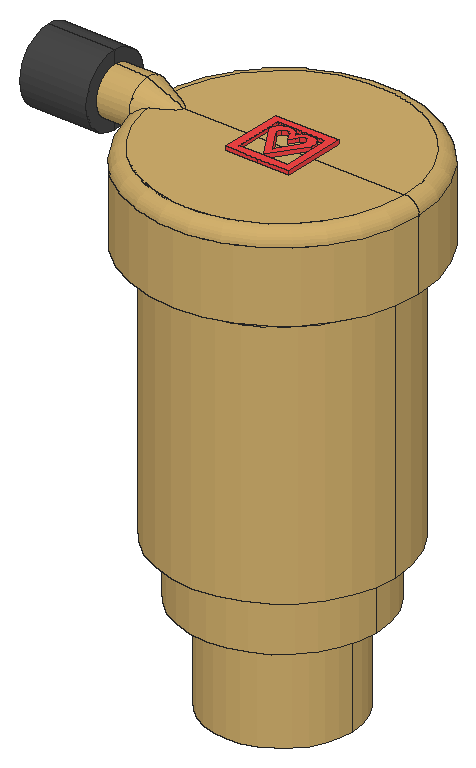
Revit family "Be- u. Entlüfter 2630 03", category Rohrzubehör, Revit 2020
Family settings
  Bemaßung runder Anschluss = Durchmesser verwenden
  Teiletyp = Normal
  OmniClass-Nummer = 23.65.55.14
  OmniClass-Titel = Valves for Liquid Services
  Arbeitsebenenbasiert = Nein
  Immer vertikal = Ja
  Beim Laden mit Abzugskörper schneiden = Nein
  Gemeinsam genutzt = Nein
Parameters
  Vorgabe-Ansicht = 0.000 mm
  URL = "www.herz-armaturen.at"
  Schwimmer = "Polypropylen"  # constant formula
  SCRNSEQ = "AWI;AWI_TYP=\"1013\";1"
  SCRNCODE = "05;14;01"  # constant formula
  S04 = 11.000 mm  # constant formula
  S03 = 24.500 mm  # constant formula
  S02 = 12.500 mm  # constant formula
  S01 = 59.000 mm  # constant formula
  R01 = 2.000 mm  # constant formula
  Nennweite AG [instance] = 20.000 mm  # constant formula
  Min.Betriebstemperatur = 0 °C  # constant formula
  Medium = "Heizungswasser nach ÖNORM H5195 oder VDI- Richtlinie 2035. Die Verwendung von Ethylen- oder Propyleneglykol in einem Mischungsverhältnis von 25 - 50% ist zulässig. EPDM-Dichtungen können durch Mineralöle und Schmiermittel beeinflusst werden, was zum Versagen der EPDM-Dichtungen führen kann. Bitte beachten Sie die Dokumentation des Herstellers, wenn Ethylenglykol-Produkte für den Frost- und Korrosionsschutz verwendet werden."
  Max.Strukturdruck = 1200000.0 Pa  # constant formula
  Max.Betriebstemperatur = 110 °C  # constant formula
  Max.Betriebsdruck = 800000.0 Pa  # constant formula
  L04 = L00 - L01  # 24.000 mm
  L03 = 13.500 mm  # constant formula
  L02 = 4.800 mm  # constant formula
  L01 = 9.500 mm  # constant formula
  L00 = 33.500 mm  # constant formula
  Hersteller = "Herz-Armaturen GmbH"  # constant formula
  H08 = 8.000 mm  # constant formula
  H07 = 22.000 mm  # constant formula
  H06 = 14.000 mm  # constant formula
  H05 = 59.000 mm - 1.000 mm  # 58.000 mm
  H04 = H03 - D03  # 57.900 mm
  H03 = 63.000 mm  # constant formula
  H02 = 9.500 mm  # constant formula
  H01 = 12.000 mm  # constant formula
  H00 = 71.500 mm  # constant formula
  Gehäuse = "geschmiedetes Messing nach EN 12165, CW617N"  # constant formula
  G2 [instance] = Nennweite AG / 2  # 10.000 mm
  G1 = 5.000 mm  # constant formula
  Dichtungen = "NBR"  # constant formula
  Deckel = "geschmiedetes Messing nach EN 12165, CW617N"  # constant formula
  D06 = 13.500 mm  # constant formula
  D05 = 0.800 mm  # constant formula
  D04 = 3.400 mm  # constant formula
  D03 = 5.100 mm  # constant formula
  D02 = 19.500 mm  # constant formula
  D01 = 16.200 mm  # constant formula
  Bestellnummer [instance] = if(Nennweite AG = 20.000 mm, 1263003, 0)  # 1263003
  Aussengewindeanschluss = "nach ISO 228"  # constant formula
  Anwendungsgebiet = "Der automatische Schnellentlüfter wird in Heizungs- und Kühlungssysteme zur Entlüftung der Anlage verwendet. Das Ventil sollte in der Nähe des Boilers oder am höchsten Punkt der Anlage installiert werden, um eine garantierte Entlüftung der Anlage an die Umgebung zu gewährleisten."
  Adapter = "Messing CW617N, EN 12165"  # constant formula
  Abdeckkappe = "Polypropylen, Schwarz"  # constant formula
Reference planes
  plane 1 "Mitte (Vorne/hinten)": y = 0
  plane 2: z = 0
  plane 3 "Mitte (Links/rechts)": x = 0
Forms (mm)
  Revolve 1, solid, material "Messing", detail levels fine
    sketch origin (0, 0, 0) x (1, 0, 0) y (0, 0, 1)
      loop
        line (0, -12.5) -> (0, 59) -> (-17.5, 59)
        arc (-17.5, 59) -> (-18.914, 58.414) -> (-19.5, 57) r 2
        line (-19.5, 57) -> (-19.5, 47) -> (-18.2, 47)
        arc (-18.2, 47) -> (-16.786, 46.414) -> (-16.2, 45) r 2
        line (-16.2, 45) -> (-16.2, 9.5) -> (-13.5, 9.5) -> (-13.5, 1.5) -> (-10, 1.5) -> (-10, -12.5) -> (0, -12.5)
      axis (0, 59) -> (0, -12.5)
    angle from 0 to 360
  Revolve 2, solid, material "Kunststoff - schwarz", detail levels fine
    sketch origin (0, 0, 0) x (1, 0, 0) y (0, 0, 1)
      loop
        line (-33.5, 57.9) -> (-24, 57.9) -> (-24, 63) -> (-33.5, 63) -> (-33.5, 57.9)
      axis (-33.5, 57.9) -> (-24, 57.9)
    angle from 0 to 360
  Revolve 3, solid, material "Messing", detail levels fine
    sketch origin (0, 0, 0) x (1, 0, 0) y (0, 0, 1)
      loop
        line (-24, 57.9) -> (0, 57.9) -> (0, 58.7) -> (-13.5, 58.7) -> (-19.2, 61.3) -> (-24, 61.3) -> (-24, 57.9)
      axis (-24, 57.9) -> (0, 57.9)
    angle from 0 to 360
Lines and regions (mm)
  model lines
    curve 1: line (0, 19.55, 0) -> (0, 0, 0)
  model lines, detail levels coarse+medium
    curve 2: line (0, 59, 0) -> (-11.455, 47.545, 0)
    curve 3: line (0, 59, 0) -> (11.455, 47.545, 0)
    curve 4: circle (0, 34.5, 0) r 11 normal (0, 0, 1)
    curve 5: line (0, 10, 0) -> (-11.455, 21.455, 0)
    curve 6: line (0, 10, 0) -> (11.455, 21.455, 0)
    curve 7: line (0, 59, 0) -> (0, 45.5, 0)
    curve 8: line (0, 23.5, 0) -> (0, -12.5, 0)
    curve 9: line (0, 0, 59) -> (-11.455, 0, 47.545)
    curve 10: line (0, 0, 59) -> (11.455, 0, 47.545)
    curve 11: circle (0, 0, 34.5) r 11 normal (0, -1, 0)
    curve 12: line (0, 0, 10) -> (-11.455, 0, 21.455)
    curve 13: line (0, 0, 10) -> (11.455, 0, 21.455)
    curve 14: line (0, 0, 59) -> (0, 0, 45.5)
    curve 15: line (0, 0, 23.5) -> (0, 0, -12.5)
    curve 16: line (0, 0, 59) -> (0, -11.455, 47.545)
    curve 17: line (0, 0, 59) -> (0, 11.455, 47.545)
    curve 18: circle (0, 0, 34.5) r 11 normal (1, 0, 0)
    curve 19: line (0, 0, 10) -> (0, -11.455, 21.455)
    curve 20: line (0, 0, 10) -> (0, 11.455, 21.455)
Dimensions and locks
  "D01": Revolve 1 sketch curve to Revolve 1 sketch curve
  "D02": Revolve 1 sketch curve to Revolve 1 sketch curve
  "H01": Revolve 1 sketch curve to Revolve 1 sketch curve
  "D03": Revolve 2 sketch curve to Revolve 2 sketch curve
  "L01": Revolve 2 sketch curve to Revolve 2 sketch curve
  "L00": Revolve 2 sketch curve to plane 3 "Mitte (Links/rechts)"
  "D04": Revolve 3 sketch curve to Revolve 3 sketch curve
  "L02": Revolve 3 sketch curve to Revolve 3 sketch curve
  "L03": Revolve 3 sketch curve to plane 3 "Mitte (Links/rechts)"
  "L04": Revolve 3 sketch curve to plane 3 "Mitte (Links/rechts)"
  "D05": Revolve 3 sketch curve to Revolve 3 sketch curve
  "H03": Revolve 2 sketch curve to plane 2
  "H04": Revolve 3 sketch curve to plane 2
  "H06": Revolve 1 sketch curve to Revolve 1 sketch curve
  "G2": Revolve 1 sketch curve to Revolve 1 sketch curve
  "H08": Revolve 1 sketch curve to Revolve 1 sketch curve
  "H00": Revolve 1 sketch curve to Revolve 1 sketch curve
  "S01": plane 1 "Mitte (Vorne/hinten)" to curve 7
  "S02": curve 8 to plane 1 "Mitte (Vorne/hinten)"
  "S03": curve 7 to curve 4 to curve 6
  "D01": curve 2 to curve 2
  "D01": curve 3 to curve 3
  "D01": curve 5 to curve 5
  "D01": curve 6 to curve 6
  "S01": curve 14 to plane 2
  "S02": plane 2 to curve 15
  "S03": curve 14 to curve 11 to curve 13
  "D01": curve 9 to curve 9
  "D01": curve 10 to curve 10
  "D01": curve 12 to curve 12
  "D01": curve 13 to curve 13
  "S01": curve 17 to plane 2
  "S03": curve 17 to curve 18 to curve 20
  "D01": curve 16 to curve 16
  "D01": curve 17 to curve 17
  "D01": curve 19 to curve 19
  "D01": curve 20 to curve 20
  "R01": radius of Revolve 1 sketch curve  (x2)
  "S04": radius of curve 4
  "S04": radius of curve 11
  "S04": radius of curve 18
  angle curve 2 to curve 7 = 45.00°
  angle curve 7 to curve 3 = 45.00°
  angle curve 8 to curve 5 = 45.00°
  angle curve 6 to curve 8 = 45.00°
  angle curve 9 to curve 14 = 45.00°
  angle curve 14 to curve 10 = 45.00°
  angle curve 15 to curve 12 = 45.00°
  angle curve 13 to curve 15 = 45.00°
  angle curve 16 to plane 1 "Mitte (Vorne/hinten)" = 45.00°
  angle plane 1 "Mitte (Vorne/hinten)" to curve 17 = 45.00°
  angle plane 1 "Mitte (Vorne/hinten)" to curve 19 = 45.00°
  angle curve 20 to plane 1 "Mitte (Vorne/hinten)" = 45.00°
  aligned and locked: level to plane 2
Automatic sketch dimensions
  curve 20 to plane 1 "Mitte (Vorne/hinten)" = 0.000 mm
  curve 18 to plane 1 "Mitte (Vorne/hinten)" = 0.000 mm
  curve 17 to plane 1 "Mitte (Vorne/hinten)" = 0.000 mm
  curve 10 to plane 3 "Mitte (Links/rechts)" = 0.000 mm
  curve 15 to plane 3 "Mitte (Links/rechts)" = 0.000 mm
  curve 11 to plane 3 "Mitte (Links/rechts)" = 0.000 mm
  curve 12 to plane 3 "Mitte (Links/rechts)" = 0.000 mm
  curve 2 to plane 3 "Mitte (Links/rechts)" = 0.000 mm
  plane 1 "Mitte (Vorne/hinten)" to curve 1 = 0.000 mm
  curve 1 to plane 3 "Mitte (Links/rechts)" = 0.000 mm
  curve 8 to plane 3 "Mitte (Links/rechts)" = 0.000 mm
  curve 4 to plane 3 "Mitte (Links/rechts)" = 0.000 mm
  curve 5 to plane 3 "Mitte (Links/rechts)" = 0.000 mm
  curve 1 to curve 8 = 3.950 mm
  Revolve 1 sketch curve to plane 3 "Mitte (Links/rechts)" = 0.000 mm  (x2)
  level to Revolve 1 sketch curve = 1.500 mm
  Revolve 1 sketch curve to Revolve 1 sketch curve = 3.500 mm
  Revolve 1 sketch curve to Revolve 1 sketch curve = 1987.500 mm
  Revolve 1 sketch curve to Revolve 1 sketch curve = 1937.000 mm
  Revolve 2 sketch curve to Revolve 2 sketch curve = 0.000 mm  (x3)
  Revolve 3 sketch curve to plane 3 "Mitte (Links/rechts)" = 0.000 mm
  Revolve 3 sketch curve to Revolve 3 sketch curve = 0.212 mm
  Revolve 3 sketch curve to plane 3 "Mitte (Links/rechts)" = 0.539 mm
  Revolve 3 sketch curve to Revolve 3 sketch curve = 0.000 mm
Nested families
  nested 1: "Herz-Logo" at (0, 0, 58), type "Herz-Logo", detail levels fine
Connectors
  piping at (0, 0, -12.5), diameter 20, driven by "Nennweite AG"
    settings: on Revolve 1, index 1, connector inside diameter 609.6 mm, connector length 0.000 mm, flow factor 0, pipe flow 0.0 L/s, pressure drop 0.0 Pa, fitting loss kfactor 0, connector angle 0.00°, fixture units 0, engagement length 0.000 mm, angle of deflection 0.00°, flow configuration 0, flow direction 1, fitting loss method 0, system type 29, joint type 0, gender type 0, connector reference index -1, connector utility 0, adjustable connector no, is connector primary yes, connector description ""
Definition of nested family "Herz-Logo"
  Parameters (values of type "Herz-Logo")
    Default Elevation = 0.000 mm
  Reference planes
    plane 1 "Mitte (Vorne/hinten)": y = 0
    plane 2: z = 0
    plane 3 "Mitte (Links/rechts)": x = 0
  Forms (mm)
    Extrusion 1, solid
      sketch origin (0, 0, 0) x (1, 0, 0) y (0, 1, 0)
        loop
          line (-0.018, -4.517) -> (4.482, -4.517) -> (4.482, 4.483) -> (-4.518, 4.483) -> (-4.518, -4.517) -> (-0.018, -4.517)
        loop
          line (-0.05, -3.48) -> (3.482, -3.48) -> (3.482, 3.483) -> (-3.518, 3.483) -> (-3.518, -3.48) -> (-0.05, -3.48)
        loop
          arc (-0.018, 2.383) -> (-1.543, 3.287) -> (-3.067, 2.383) r 1.738
          arc (-3.067, 2.383) -> (-3.191, 1.899) -> (-3.067, 1.415) r 1.009
          line (-3.067, 1.415) -> (-0.018, -3.281) -> (3.032, 1.415)
          arc (3.032, 1.415) -> (3.156, 1.899) -> (3.032, 2.383) r 1.009
          arc (3.032, 2.383) -> (1.507, 3.287) -> (-0.018, 2.383) r 1.738
        loop
          arc (1.885, 1.272) -> (2.005, 1.675) -> (1.885, 2.079) r 0.74
          arc (1.885, 2.079) -> (1.265, 2.416) -> (0.644, 2.079) r 0.74
          line (0.644, 2.079) -> (-0.018, 0.97) -> (-0.679, 2.079)
          arc (-0.679, 2.079) -> (-1.3, 2.416) -> (-1.921, 2.079) r 0.74
          arc (-1.921, 2.079) -> (-2.04, 1.675) -> (-1.921, 1.272) r 0.74
          line (-1.921, 1.272) -> (-0.018, -1.658) -> (1.885, 1.272)
      from 0 to 1.5
  Dimensions and locks
    aligned and locked: level to plane 2
